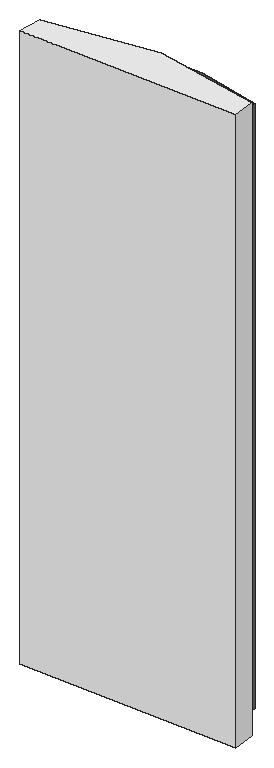
Revit family "JC KONTAKTER JCK209 Armbågskontakt", category Specialty Equipment, host Wall, Revit 2025
Family settings
  Host = Wall
  Round Connector Dimension = Use Diameter
  Part Type = Normal
  Enable Cutting in Views = Yes
  Always vertical = Yes
  Cut with Voids When Loaded = No
  Maintain Annotation Orientation = No
  Shared = No
  Room Calculation Point = No
Parameters (values of type "Armbågskontakt JCK209")
  URL = "https://jckontakter.se/produkt/armbagskontakter-plast/armbagskontakt-jck209/"
  Tillverkningsland = "Sverige"
  Tillvalsförteckning = "https://jckontakter.se/wp-content/uploads/sites/2/Tillval_metall_2024.pdf"
  Tekniskt produktblad = "https://jckontakter.se/wp-content/uploads/2019/06/JCK209.pdf"
  Produktvikt = "0.230 kg"
  Placering av armbågskontakt = "https://jckontakter.se/start/nyheter-och-information/armbagskontakter-placering-riktlinjer/"
  Nominell märkström = "12 V - Resistive 6A Inductive L/R 5ms 6A, 24 V - Resistive 6A Inductive L/R 5ms 5A"
  Model = "JCK209"  # constant formula
  Mikrobrytare = "Standard NO IP67"
  Manufacturer = "JC Kontakter"  # constant formula
  Lägsta märkström = "1mA/4 V DC"
  Core Finish = ABS 750SW (Vit)
  Keynote = ""
  Lid Finish = ABS 750SW (Svart)
  Description = "JCK209 är en tålig armbågskontakt med konvex tryckplatta och taktila rillor. Rillorna underlättar för synsvaga att veta var de ska trycka för att aktivera armbågskontakten.\r\nModellen har svart lock för maximal kontrastering mot den ljusgrå botten.\r\nJCK209 levereras med 1st mikrobrytare i IP67, men går även att beställa med fler."  # constant formula
  Default Elevation = 0 mm
  CE Dokument = "https://jckontakter.se/wp-content/uploads/CE_Dokument.pdf"
  Assembly Code = ""
  Antal mikrobrytare = 1
Reference planes
  plane 1 "Wall": y = 0
  plane 2 "Center (Left/Right)": x = 125
  plane 3 "Back": y = 75
  plane 4 "A": z = 800
Lines and regions (mm)
  Masking region 1
    outline origin (0, 0, -100) x (1, 0, 0) y (0, 0, 1)
      loop
        line (175, 1145) -> (75, 1145) -> (75, 900) -> (175, 900) -> (175, 1145)
  symbolic lines
    curve 1: line (75, 125, 0) -> (175, 125, 0)
    curve 2: line (75, 75, 0) -> (75, 125, 0)
    curve 3: line (175, 75, 0) -> (75, 75, 0)
    curve 4: line (175, 125, 0) -> (175, 75, 0)
    curve 5: line (175, 0, 1045) -> (75, 0, 1045)
    curve 6: line (175, 0, 800) -> (175, 0, 1045)
    curve 7: line (75, 0, 800) -> (175, 0, 800)
    curve 8: line (75, 0, 1045) -> (75, 0, 800)
Text (mm)
  text "Placement Side" at (-1848.837, 1116.779, 0), in view "Ref. Level"
  text "Placement side" at (0, 1409.804, 2854.306), in view "Left"
  text "Placement side" at (0, 499.811, 2980.732), in view "Right"
Dimensions and locks
  locked: plane 3 "Back" to host wall
  locked: curve 3 to curve 1 at 50
  aligned and locked: plane 1 "Wall" to host wall
  aligned and locked: nested 1 to plane 3 "Back"
  aligned and locked: curve 3 to plane 3 "Back"
  aligned and locked: plane 4 "A" to curve 7
  aligned and locked: curve 6 to Masking region 1
  aligned and locked: Masking region 1 to curve 8
Nested families
  nested 1: "AK_209" at (125, 75, 800) x (-1, 0, 0) z (0, 0, 1), type "AK_209", detail levels medium+fine
Definition of nested family "AK_209"
  Parameters (values of type "AK_209")
    URL = "https://jckontakter.se/produkt/armbagskontakter-plast/armbagskontakt-jck209/"
    Model = "JCK209"  # constant formula
    Manufacturer = "JC Kontakter"  # constant formula
    Lid Finish = none
    Core Finish = none
    Description = "JCK209 är en tålig armbågskontakt med konvex tryckplatta och taktila rillor. Rillorna underlättar för synsvaga att veta var de ska trycka för att aktivera armbågskontakten.\r\nModellen har svart lock för maximal kontrastering mot den ljusgrå botten.\r\nJCK209 levereras med 1st mikrobrytare i IP67, men går även att beställa med fler."  # constant formula
    Default Elevation = 0 mm
  Reference planes
    plane 1 "Center (Front/Back)": y = 0
    plane 2: z = 0
    plane 3 "Center (Left/Right)": x = 0
    plane 4 "1": x = 47.5
    plane 5 "A": z = 5
    plane 6 "B": z = 245
  Forms (mm)
    Extrusion 1, solid, material <- "Core Finish"
      sketch origin (0, 0, 0) x (1, 0, 0) y (0, 1, 0)
        loop
          line (-47.5, 0) -> (-46.5, -10) -> (0, -18) -> (46.5, -10) -> (47.5, 0) -> (-47.5, 0)
      from 0 to 250
    Extrusion 2, void
      sketch origin (0, 0, 0) x (1, 0, 0) y (0, 1, 0)
        loop
          line (-42.5, -4) -> (-42.5, -18.223) -> (42.5, -18.223) -> (42.5, -4) -> (-42.5, -4)
      from 5 to 245
    Extrusion 3, solid, material <- "Lid Finish"
      sketch origin (0, 0, 5) x (-1, 0, 0) y (0, -1, 0)
        loop
          line (-42, 6) -> (42, 6) -> (41.5, 18.145)
          arc (41.5, 18.145) -> (0, 24) -> (-41.5, 18.145) r 150
          line (-41.5, 18.145) -> (-42, 6)
      from 0.5 to 239.5
    Extrusion 4, solid, material <- "Lid Finish"
      sketch origin (0, 0, 5) x (-1, 0, 0) y (0, -1, 0)
        loop
          line (30.48, 20.761) -> (30.656, 21.746) -> (28.687, 22.097) -> (28.511, 21.112) -> (30.48, 20.761)
        loop
          line (24.5, 21.866) -> (24.634, 22.857) -> (22.652, 23.126) -> (22.518, 22.135) -> (24.5, 21.866)
        loop
          line (18.504, 22.704) -> (18.644, 23.694) -> (16.664, 23.975) -> (16.524, 22.985) -> (18.504, 22.704)
        loop
          line (12.5, 23.393) -> (12.5, 24.393) -> (10.5, 24.393) -> (10.5, 23.393) -> (12.5, 23.393)
      from 30 to 210
  Cuts and joins
    Extrusion 2 cuts Extrusion 1
  Dimensions and locks
    aligned and locked: level to plane 2
